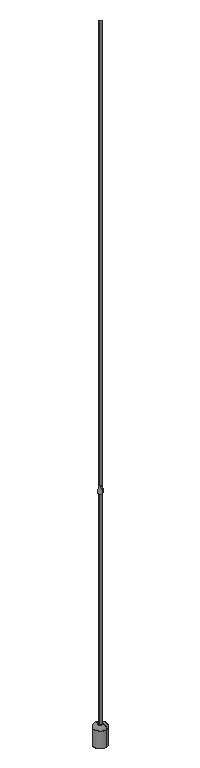
Revit family "Nikau", category Lighting Fixtures, host Ceiling, Revit 2017
Family settings
  Host = Ceiling
  Round Connector Dimension = Use Diameter
  Part Type = Normal
  OmniClass Number = 23.80.70.11
  OmniClass Title = Luminaries for Internal Lighting
  Always vertical = Yes
  Cut with Voids When Loaded = No
  Light Source = Yes
  Shared = No
  Room Calculation Point = No
Parameters (values of type "Generic")
  Wattage Comments = "Max. 60 Watts. 110V(US) / 230-240V(EU). Lamp NOT provided."
  Wattage = 6.7321 W
  built-in parameter 1150110 = 1 (stored number, unit not read)
  URL = "https://www.davidtrubridge.com"
  Type Comments = "Ceilig Rose required, contact supplier for options."
  built-in parameter 1114217 = 1 (stored number, unit not read)
  built-in parameter 1150109 = 1 (stored number, unit not read)
  built-in parameter 1150134 = (empty or 0)
  Suspension Top [instance] = Suspension Mid - 200 mm  # 2000 mm
  built-in parameter 1150113 = 1 (stored number, unit not read)
  Model = "Nikau"
  Manufacturer = "David Trubridge"
  Lumens = 1000 lm
  built-in parameter 1150115 = 1 (stored number, unit not read)
  built-in parameter 1150105 = 79.577 (stored number, unit not read)
  Suspension Mid [instance] = 2200 mm
  Light Source Symbol Size = 300 mm
  built-in parameter 1150137 = (empty or 0)
  built-in parameter 1150139 = (empty or 0)
  Lamp Wattage = 0 W
  built-in parameter 1150112 = 1 (stored number, unit not read)
  built-in parameter 1150114 = 1 (stored number, unit not read)
  Lamp = "E27 / (E26 USA)"
  built-in parameter 1150132 = 2
  built-in parameter 1150102 = (empty or 0)
  built-in parameter 1150138 = (empty or 0)
  built-in parameter 1150107 = 3000 (stored number, unit not read)
  built-in parameter 1150106 = 0.79577 (stored number, unit not read)
  built-in parameter 1150104 = 13.8 (stored number, unit not read)
  Dimming Lamp Color Temperature Shift = <None>
  Description = "Pendant in bamboo plywood. Can be made in a large range of colours. Lamp is not supplied"
  Cordset Finish = Plastic, Opaque White
  Color Filter = 16777215
  built-in parameter 1114218 = 1 (stored number, unit not read)
  built-in parameter 1150133 = 10 (stored number, unit not read)
  Apparent Load = 0 VA
Reference planes
  plane 1 "Light Source Axis (F/B)": y = 0
  plane 2: z = 0
  plane 3 "Light Source Axis (L/R)": x = 0
  plane 4 "Ceiling": z = 4000
  plane 5 "Light Source Elevation": z = 1800
  plane 6 "Top of pendant": z = 2600
  plane 7 "Light Socket": z = 1850
  plane 8 "Outer edge": x = -205.683
  plane 9 "Outer Edge": x = 205.672
  plane 10 "Bottom of Pendant": z = 992.812
Forms (mm)
  Revolve 1, solid, material "Plastic, Opaque White" <- "Cordset Finish"
    sketch origin (0, 0, -205) x (1, 0, 0) y (0, 0, 1)
      loop
        line (0, 2117) -> (0, 2055) -> (20, 2055) -> (20, 2107)
        arc (20, 2107) -> (17.071, 2114.071) -> (10, 2117) r 10
        line (10, 2117) -> (0, 2117)
      axis (0, 2055) -> (0, 2117)
    angle from 0 to 360
  Extrusion 2, solid, material "Plastic, Opaque White" <- "Cordset Finish"
    sketch origin (0, 0, 3200) x (0, 1, 0) y (-1, 0, 0)
      loop
        circle (0, 0) r 3
    from -600 to 800
  Extrusion 3, solid, material "Plastic, Opaque White" <- "Cordset Finish"
    sketch origin (0, 0, 3200) x (0, 1, 0) y (-1, 0, 0)
      loop
        circle (0, 0) r 3
    from -1350 to -600
  Revolve 4, solid, material "Plastic, Opaque White" <- "Cordset Finish"
    sketch origin (0, 0, -40) x (1, 0, 0) y (0, 0, 1)
      loop
        line (0, 2660) -> (0, 2640) -> (7.5, 2640) -> (5, 2660) -> (0, 2660)
      axis (0, 2640) -> (0, 2660)
    angle from 0 to 360
Dimensions and locks
  equal spacing: host sketch curve, plane 3 "Light Source Axis (L/R)", host sketch curve
  equal spacing: host sketch curve, plane 1 "Light Source Axis (F/B)", host sketch curve
  host sketch curve to host sketch curve = 4000 mm  (x2)
  host ceiling to plane 4 "Ceiling" = 0 mm
  plane 4 "Ceiling" to level = 4000 mm
  "Suspension Mid": plane 5 "Light Source Elevation" to plane 4 "Ceiling"
  locked: plane 5 "Light Source Elevation" to plane 6 "Top of pendant" at 800
  locked: plane 5 "Light Source Elevation" to plane 7 "Light Socket" at 50
  plane 9 "Outer Edge" to plane 8 "Outer edge" = 411.355 mm
  plane 8 "Outer edge" to plane 9 "Outer Edge" = 411.355 mm
  locked: plane 10 "Bottom of Pendant" to plane 6 "Top of pendant" at 1607.188
  plane 3 "Light Source Axis (L/R)" to plane 8 "Outer edge" = 205.683 mm
  plane 9 "Outer Edge" to plane 3 "Light Source Axis (L/R)" = 205.672 mm
  plane 3 "Light Source Axis (L/R)" to plane 9 "Outer Edge" = 205.672 mm
  plane 8 "Outer edge" to plane 3 "Light Source Axis (L/R)" = 205.683 mm
  aligned and locked: plane 3 "Light Source Axis (L/R)" to imposter light
  aligned and locked: plane 1 "Light Source Axis (F/B)" to imposter light
  aligned and locked: plane 5 "Light Source Elevation" to imposter light
  aligned and locked: Extrusion 2 to plane 6 "Top of pendant"
  aligned and locked: Extrusion 3 to Revolve 1
  aligned and locked: plane 7 "Light Socket" to Extrusion 3
  aligned and locked: level to plane 2
  aligned and locked: plane 6 "Top of pendant" to Extrusion 3
  aligned and locked: Extrusion 2 to plane 4 "Ceiling"
  aligned and locked: plane 4 "Ceiling" to host ceiling
  aligned and locked: import instance to plane 6 "Top of pendant"
Automatic sketch dimensions
  Revolve 1 sketch curve to plane 3 "Light Source Axis (L/R)" = 0 mm
  plane 3 "Light Source Axis (L/R)" to Revolve 1 sketch curve = 0 mm
  plane 3 "Light Source Axis (L/R)" to Revolve 1 sketch curve = 10 mm
  Revolve 1 sketch curve to Revolve 1 sketch curve = 20 mm
  Revolve 1 sketch curve to plane 5 "Light Source Elevation" = 50 mm
  Revolve 1 sketch curve to Revolve 1 sketch curve = 52 mm
  Revolve 1 sketch curve to level = 563.228 mm
  Revolve 1 sketch curve to plane 4 "Ceiling" = 157.185 mm
  plane 1 "Light Source Axis (F/B)" to Extrusion 2 sketch curve = 0 mm
  Extrusion 2 sketch curve to plane 3 "Light Source Axis (L/R)" = 0 mm
  plane 1 "Light Source Axis (F/B)" to Extrusion 3 sketch curve = 0 mm
  Extrusion 3 sketch curve to plane 3 "Light Source Axis (L/R)" = 0 mm
  Revolve 4 sketch curve to plane 3 "Light Source Axis (L/R)" = 0 mm  (x2)
  Revolve 4 sketch curve to plane 6 "Top of pendant" = 0 mm
  plane 3 "Light Source Axis (L/R)" to Revolve 4 sketch curve = 5 mm
  plane 3 "Light Source Axis (L/R)" to Revolve 4 sketch curve = 7.5 mm
  Revolve 4 sketch curve to plane 6 "Top of pendant" = 20 mm
  Revolve 4 sketch curve to level = 344.8 mm
  plane 4 "Ceiling" to Revolve 4 sketch curve = 40 mm
  radius of Extrusion 2 sketch curve = 3 mm
  radius of Extrusion 3 sketch curve = 3 mm
Connectors
  electrical at (0, 0, 4000)
    settings: index 1, voltage 0 V, apparent load 0 VA, apparent load phase1 0 VA, apparent load phase2 0 VA, apparent load phase3 0 VA, power factor 1, load classification "Other", number of poles 1, system type 30, power factor state 0, is connector primary yes, connector utility no, sub classification motor no, connector description ""
